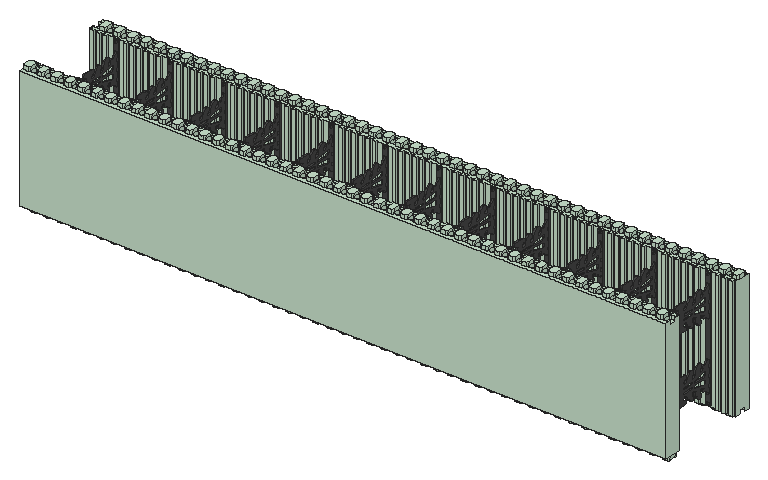
Revit family (continued)
Definition of nested family "10-inch Web"
  Forms (mm)
    Extrusion 1, solid, material "Polypropylene"
      sketch origin (0, 0, -12.7) x (0, 1, 0) y (0, 0, 1)
        loop
          arc (118.212, 356.142) -> (118.677, 357.265) -> (119.799, 357.73) r 1.588
          line (119.799, 357.73) -> (121.006, 357.73) -> (121.006, 359.508) -> (118.339, 359.508)
          arc (118.339, 359.508) -> (116.978, 359.703) -> (115.707, 360.227) r 5.556
          arc (115.707, 360.227) -> (110.167, 362.422) -> (104.299, 363.467) r 29.724
          line (104.299, 363.467) -> (62.706, 363.467)
          arc (62.706, 363.467) -> (60.461, 362.537) -> (59.531, 360.292) r 3.175
          line (59.531, 360.292) -> (59.531, 354.9)
          arc (59.531, 354.9) -> (60.228, 352.916) -> (62.013, 351.802) r 3.175
          line (62.013, 351.802) -> (118.339, 339.188)
        loop
          line (131.699, 457.58) -> (131.699, 463.9)
          arc (131.699, 463.9) -> (131.594, 463.513) -> (131.307, 463.233) r 0.762
          line (131.307, 463.233) -> (127.011, 460.847)
          arc (127.011, 460.847) -> (126.724, 460.567) -> (126.619, 460.181) r 0.762
          line (126.619, 460.181) -> (126.619, 458.372)
          arc (126.619, 458.372) -> (126.778, 458.003) -> (127.155, 457.865) r 0.508
          line (127.155, 457.865) -> (131.163, 458.087)
          arc (131.163, 458.087) -> (131.54, 457.949) -> (131.699, 457.58) r 0.508
        loop
          arc (-131.699, 457.58) -> (-131.54, 457.949) -> (-131.163, 458.087) r 0.508
          line (-131.163, 458.087) -> (-127.155, 457.865)
          arc (-127.155, 457.865) -> (-126.778, 458.003) -> (-126.619, 458.372) r 0.508
          line (-126.619, 458.372) -> (-126.619, 460.181)
          arc (-126.619, 460.181) -> (-126.724, 460.567) -> (-127.011, 460.847) r 0.762
          line (-127.011, 460.847) -> (-131.307, 463.233)
          arc (-131.307, 463.233) -> (-131.594, 463.513) -> (-131.699, 463.9) r 0.762
          line (-131.699, 463.9) -> (-131.699, 457.58)
        loop
          line (51.594, 379.293) -> (15.031, 379.293)
          arc (15.031, 379.293) -> (9.519, 373.782) -> (15.031, 368.27) r 5.512
          line (15.031, 368.27) -> (51.594, 368.27)
          arc (51.594, 368.27) -> (53.839, 369.2) -> (54.769, 371.445) r 3.175
          line (54.769, 371.445) -> (54.769, 376.118)
          arc (54.769, 376.118) -> (53.839, 378.363) -> (51.594, 379.293) r 3.175
        loop
          line (15.031, 352.422) -> (51.594, 352.422)
          arc (51.594, 352.422) -> (53.839, 353.352) -> (54.769, 355.597) r 3.175
          line (54.769, 355.597) -> (54.769, 360.27)
          arc (54.769, 360.27) -> (53.839, 362.515) -> (51.594, 363.445) r 3.175
          line (51.594, 363.445) -> (15.031, 363.445)
          arc (15.031, 363.445) -> (9.519, 357.933) -> (15.031, 352.422) r 5.512
        loop
          arc (-118.339, 372.208) -> (-116.978, 372.012) -> (-115.707, 371.488) r 5.556
          arc (-115.707, 371.488) -> (-110.167, 369.293) -> (-104.299, 368.248) r 29.724
          line (-104.299, 368.248) -> (-62.706, 368.248)
          arc (-62.706, 368.248) -> (-60.461, 369.178) -> (-59.531, 371.423) r 3.175
          line (-59.531, 371.423) -> (-59.531, 376.815)
          arc (-59.531, 376.815) -> (-60.228, 378.8) -> (-62.013, 379.913) r 3.175
          line (-62.013, 379.913) -> (-118.339, 392.528) -> (-121.006, 392.528) -> (-121.006, 390.75) -> (-119.799, 390.75)
          arc (-119.799, 390.75) -> (-118.677, 390.285) -> (-118.212, 389.162) r 1.588
          line (-118.212, 389.162) -> (-118.212, 375.573)
          arc (-118.212, 375.573) -> (-118.677, 374.45) -> (-119.799, 373.986) r 1.588
          line (-119.799, 373.986) -> (-121.006, 373.986) -> (-121.006, 372.208) -> (-118.339, 372.208)
        loop
          line (-118.339, 339.188) -> (-62.013, 351.802)
          arc (-62.013, 351.802) -> (-60.228, 352.916) -> (-59.531, 354.9) r 3.175
          line (-59.531, 354.9) -> (-59.531, 360.292)
          arc (-59.531, 360.292) -> (-60.461, 362.537) -> (-62.706, 363.467) r 3.175
          line (-62.706, 363.467) -> (-104.299, 363.467)
          arc (-104.299, 363.467) -> (-110.167, 362.422) -> (-115.707, 360.227) r 29.724
          arc (-115.707, 360.227) -> (-116.978, 359.703) -> (-118.339, 359.508) r 5.556
          line (-118.339, 359.508) -> (-121.006, 359.508) -> (-121.006, 357.73) -> (-119.799, 357.73)
          arc (-119.799, 357.73) -> (-118.677, 357.265) -> (-118.212, 356.142) r 1.588
          line (-118.212, 356.142) -> (-118.212, 342.553)
          arc (-118.212, 342.553) -> (-118.677, 341.43) -> (-119.799, 340.966) r 1.588
          line (-119.799, 340.966) -> (-121.006, 340.966) -> (-121.006, 339.188) -> (-118.339, 339.188)
        loop
          arc (-51.594, 379.293) -> (-53.839, 378.363) -> (-54.769, 376.118) r 3.175
          line (-54.769, 376.118) -> (-54.769, 371.445)
          arc (-54.769, 371.445) -> (-53.839, 369.2) -> (-51.594, 368.27) r 3.175
          line (-51.594, 368.27) -> (-15.031, 368.27)
          arc (-15.031, 368.27) -> (-9.519, 373.782) -> (-15.031, 379.293) r 5.512
          line (-15.031, 379.293) -> (-51.594, 379.293)
        loop
          arc (-15.031, 352.422) -> (-9.519, 357.933) -> (-15.031, 363.445) r 5.512
          line (-15.031, 363.445) -> (-51.594, 363.445)
          arc (-51.594, 363.445) -> (-53.839, 362.515) -> (-54.769, 360.27) r 3.175
          line (-54.769, 360.27) -> (-54.769, 355.597)
          arc (-54.769, 355.597) -> (-53.839, 353.352) -> (-51.594, 352.422) r 3.175
          line (-51.594, 352.422) -> (-15.031, 352.422)
        loop
          line (125.959, 90.072) -> (123.292, 90.072) -> (123.292, 91.85) -> (130.112, 91.85)
          arc (130.112, 91.85) -> (131.234, 91.386) -> (131.699, 90.263) r 1.587
          line (131.699, 90.263) -> (131.699, 110.202)
          arc (131.699, 110.202) -> (131.234, 109.079) -> (130.111, 108.614) r 1.587
          line (130.111, 108.614) -> (123.292, 108.614) -> (123.292, 110.392) -> (125.959, 110.392) -> (125.959, 123.092) -> (123.292, 123.092) -> (123.292, 124.87) -> (130.112, 124.87)
          arc (130.112, 124.87) -> (131.234, 124.406) -> (131.699, 123.283) r 1.587
          line (131.699, 123.283) -> (131.699, 143.222)
          arc (131.699, 143.222) -> (131.234, 142.099) -> (130.111, 141.634) r 1.587
          line (130.111, 141.634) -> (123.292, 141.634) -> (123.292, 143.412) -> (125.959, 143.412) -> (125.959, 156.112) -> (123.292, 156.112) -> (123.292, 157.89) -> (130.112, 157.89)
          arc (130.112, 157.89) -> (131.234, 157.426) -> (131.699, 156.303) r 1.588
          line (131.699, 156.303) -> (131.699, 171.533) -> (128.372, 171.533)
          arc (128.372, 171.533) -> (125.73, 168.918) -> (122.445, 167.179) r 12.7
          arc (122.445, 167.179) -> (119.377, 164.859) -> (118.212, 161.192) r 6.35
          line (118.212, 161.192) -> (118.212, 159.478)
          arc (118.212, 159.478) -> (118.677, 158.355) -> (119.799, 157.89) r 1.588
          line (119.799, 157.89) -> (121.006, 157.89) -> (121.006, 156.112) -> (118.325, 156.112)
          arc (118.325, 156.112) -> (113.345, 156.981) -> (109.254, 159.949) r 11.21
          arc (109.254, 159.949) -> (104.925, 160.384) -> (104.225, 156.091) r 3.175
          arc (104.225, 156.091) -> (91.953, 143.965) -> (90.498, 161.156) r 9.525
          arc (90.498, 161.156) -> (94.276, 170.359) -> (85.072, 174.138) r 7.035
          arc (85.072, 174.138) -> (72.053, 164.037) -> (67.064, 148.331) r 27.726
          line (67.064, 148.331) -> (67.077, 144.141)
          arc (67.077, 144.141) -> (52.509, 136.782) -> (52.826, 153.1) r 9.525
          arc (52.826, 153.1) -> (56.604, 162.304) -> (47.401, 166.082) r 7.035
          arc (47.401, 166.082) -> (34.716, 157.818) -> (28.7, 143.926) r 26.266
          arc (28.7, 143.926) -> (14.132, 136.567) -> (14.449, 152.886) r 9.525
          arc (14.449, 152.886) -> (16.694, 153.591) -> (19.003, 154.043) r 21.187
          arc (19.003, 154.043) -> (23.197, 159.901) -> (18.131, 165.024) r 5.588
          arc (18.131, 165.024) -> (9.105, 166.277) -> (0, 166.669) r 95.946
          arc (0, 166.669) -> (-9.105, 166.277) -> (-18.131, 165.024) r 95.946
          arc (-18.131, 165.024) -> (-23.197, 159.901) -> (-19.003, 154.043) r 5.588
          arc (-19.003, 154.043) -> (-16.694, 153.591) -> (-14.449, 152.886) r 21.187
          arc (-14.449, 152.886) -> (-14.132, 136.567) -> (-28.7, 143.926) r 9.525
          arc (-28.7, 143.926) -> (-34.716, 157.818) -> (-47.401, 166.082) r 26.266
          arc (-47.401, 166.082) -> (-56.604, 162.304) -> (-52.826, 153.1) r 7.035
          arc (-52.826, 153.1) -> (-52.509, 136.782) -> (-67.077, 144.141) r 9.525
          line (-67.077, 144.141) -> (-67.064, 148.331)
          arc (-67.064, 148.331) -> (-72.053, 164.037) -> (-85.072, 174.138) r 27.726
          arc (-85.072, 174.138) -> (-94.276, 170.359) -> (-90.498, 161.156) r 7.035
          arc (-90.498, 161.156) -> (-91.953, 143.965) -> (-104.225, 156.091) r 9.525
          arc (-104.225, 156.091) -> (-104.925, 160.384) -> (-109.254, 159.949) r 3.175
          arc (-109.254, 159.949) -> (-113.345, 156.981) -> (-118.325, 156.112) r 11.21
          line (-118.325, 156.112) -> (-121.006, 156.112) -> (-121.006, 157.89) -> (-119.799, 157.89)
          arc (-119.799, 157.89) -> (-118.677, 158.355) -> (-118.212, 159.478) r 1.588
          line (-118.212, 159.478) -> (-118.212, 161.192)
          arc (-118.212, 161.192) -> (-119.377, 164.859) -> (-122.445, 167.179) r 6.35
          arc (-122.445, 167.179) -> (-125.73, 168.918) -> (-128.372, 171.533) r 12.7
          line (-128.372, 171.533) -> (-131.699, 171.533) -> (-131.699, 156.303)
          arc (-131.699, 156.303) -> (-131.234, 157.426) -> (-130.112, 157.89) r 1.588
          line (-130.112, 157.89) -> (-123.292, 157.89) -> (-123.292, 156.112) -> (-125.959, 156.112) -> (-125.959, 143.412) -> (-123.292, 143.412) -> (-123.292, 141.634) -> (-130.111, 141.634)
          arc (-130.111, 141.634) -> (-131.234, 142.099) -> (-131.699, 143.222) r 1.587
          line (-131.699, 143.222) -> (-131.699, 123.283)
          arc (-131.699, 123.283) -> (-131.234, 124.406) -> (-130.112, 124.87) r 1.587
          line (-130.112, 124.87) -> (-123.292, 124.87) -> (-123.292, 123.092) -> (-125.959, 123.092) -> (-125.959, 110.392) -> (-123.292, 110.392) -> (-123.292, 108.614) -> (-130.111, 108.614)
          arc (-130.111, 108.614) -> (-131.234, 109.079) -> (-131.699, 110.202) r 1.587
          line (-131.699, 110.202) -> (-131.699, 90.263)
          arc (-131.699, 90.263) -> (-131.234, 91.386) -> (-130.112, 91.85) r 1.587
          line (-130.112, 91.85) -> (-123.292, 91.85) -> (-123.292, 90.072) -> (-125.959, 90.072) -> (-125.959, 77.373) -> (-123.292, 77.373) -> (-123.292, 75.594) -> (-129.324, 75.594)
          arc (-129.324, 75.594) -> (-130.447, 76.059) -> (-130.912, 77.182) r 1.587
          line (-130.912, 77.182) -> (-130.912, 54.332)
          arc (-130.912, 54.332) -> (-128.581, 61.664) -> (-122.445, 66.306) r 12.7
          arc (-122.445, 66.306) -> (-119.377, 68.626) -> (-118.212, 72.292) r 6.35
          line (-118.212, 72.292) -> (-118.212, 74.007)
          arc (-118.212, 74.007) -> (-118.677, 75.13) -> (-119.799, 75.594) r 1.588
          line (-119.799, 75.594) -> (-121.006, 75.594) -> (-121.006, 77.373) -> (-118.325, 77.373)
          arc (-118.325, 77.373) -> (-113.345, 76.504) -> (-109.254, 73.536) r 11.21
          arc (-109.254, 73.536) -> (-104.925, 73.101) -> (-104.225, 77.394) r 3.175
          arc (-104.225, 77.394) -> (-91.953, 89.52) -> (-90.498, 72.329) r 9.525
          arc (-90.498, 72.329) -> (-94.276, 63.126) -> (-85.072, 59.347) r 7.035
          arc (-85.072, 59.347) -> (-72.053, 69.448) -> (-67.064, 85.154) r 27.726
          line (-67.064, 85.154) -> (-67.077, 89.344)
          arc (-67.077, 89.344) -> (-52.509, 96.703) -> (-52.826, 80.385) r 9.525
          arc (-52.826, 80.385) -> (-56.604, 71.181) -> (-47.401, 67.403) r 7.035
          arc (-47.401, 67.403) -> (-34.716, 75.667) -> (-28.7, 89.559) r 26.266
          arc (-28.7, 89.559) -> (-14.132, 96.918) -> (-14.449, 80.599) r 9.525
          arc (-14.449, 80.599) -> (-16.694, 79.894) -> (-19.003, 79.442) r 21.187
          arc (-19.003, 79.442) -> (-23.197, 73.584) -> (-18.131, 68.461) r 5.588
          arc (-18.131, 68.461) -> (-9.105, 67.207) -> (0, 66.816) r 95.946
          arc (0, 66.816) -> (9.105, 67.207) -> (18.131, 68.461) r 95.946
          arc (18.131, 68.461) -> (23.197, 73.584) -> (19.003, 79.442) r 5.588
          arc (19.003, 79.442) -> (16.694, 79.894) -> (14.449, 80.599) r 21.187
          arc (14.449, 80.599) -> (14.132, 96.918) -> (28.7, 89.559) r 9.525
          arc (28.7, 89.559) -> (34.716, 75.667) -> (47.401, 67.403) r 26.266
          arc (47.401, 67.403) -> (56.604, 71.181) -> (52.826, 80.385) r 7.035
          arc (52.826, 80.385) -> (52.509, 96.703) -> (67.077, 89.344) r 9.525
          line (67.077, 89.344) -> (67.064, 85.154)
          arc (67.064, 85.154) -> (72.053, 69.448) -> (85.072, 59.347) r 27.726
          arc (85.072, 59.347) -> (94.276, 63.126) -> (90.498, 72.329) r 7.035
          arc (90.498, 72.329) -> (91.953, 89.52) -> (104.225, 77.394) r 9.525
          arc (104.225, 77.394) -> (104.925, 73.101) -> (109.254, 73.536) r 3.175
          arc (109.254, 73.536) -> (113.345, 76.504) -> (118.325, 77.373) r 11.21
          line (118.325, 77.373) -> (121.006, 77.373) -> (121.006, 75.594) -> (119.799, 75.594)
          arc (119.799, 75.594) -> (118.677, 75.13) -> (118.212, 74.007) r 1.588
          line (118.212, 74.007) -> (118.212, 72.292)
          arc (118.212, 72.292) -> (119.377, 68.626) -> (122.445, 66.306) r 6.35
          arc (122.445, 66.306) -> (128.581, 61.664) -> (130.912, 54.332) r 12.7
          line (130.912, 54.332) -> (130.912, 77.182)
          arc (130.912, 77.182) -> (130.447, 76.059) -> (129.324, 75.594) r 1.587
          line (129.324, 75.594) -> (123.292, 75.594) -> (123.292, 77.373) -> (125.959, 77.373) -> (125.959, 90.072)
        loop
          arc (118.339, 110.392) -> (116.978, 110.588) -> (115.707, 111.112) r 5.556
          arc (115.707, 111.112) -> (110.167, 113.307) -> (104.299, 114.352) r 29.724
          line (104.299, 114.352) -> (62.706, 114.352)
          arc (62.706, 114.352) -> (60.461, 113.422) -> (59.531, 111.177) r 3.175
          line (59.531, 111.177) -> (59.531, 105.785)
          arc (59.531, 105.785) -> (60.228, 103.8) -> (62.013, 102.687) r 3.175
          line (62.013, 102.687) -> (118.339, 90.072) -> (121.006, 90.072) -> (121.006, 91.85) -> (119.799, 91.85)
          arc (119.799, 91.85) -> (118.677, 92.315) -> (118.212, 93.438) r 1.588
          line (118.212, 93.438) -> (118.212, 107.027)
          arc (118.212, 107.027) -> (118.677, 108.15) -> (119.799, 108.614) r 1.588
          line (119.799, 108.614) -> (121.006, 108.614) -> (121.006, 110.392) -> (118.339, 110.392)
        loop
          line (118.339, 143.412) -> (62.013, 130.798)
          arc (62.013, 130.798) -> (60.228, 129.684) -> (59.531, 127.7) r 3.175
          line (59.531, 127.7) -> (59.531, 122.308)
          arc (59.531, 122.308) -> (60.461, 120.063) -> (62.706, 119.133) r 3.175
          line (62.706, 119.133) -> (104.299, 119.133)
          arc (104.299, 119.133) -> (110.167, 120.178) -> (115.707, 122.373) r 29.724
          arc (115.707, 122.373) -> (116.978, 122.897) -> (118.339, 123.092) r 5.556
          line (118.339, 123.092) -> (121.006, 123.092) -> (121.006, 124.87) -> (119.799, 124.87)
          arc (119.799, 124.87) -> (118.677, 125.335) -> (118.212, 126.458) r 1.588
          line (118.212, 126.458) -> (118.212, 140.047)
          arc (118.212, 140.047) -> (118.677, 141.17) -> (119.799, 141.634) r 1.588
          line (119.799, 141.634) -> (121.006, 141.634) -> (121.006, 143.412) -> (118.339, 143.412)
        loop
          arc (51.594, 103.307) -> (53.839, 104.237) -> (54.769, 106.482) r 3.175
          line (54.769, 106.482) -> (54.769, 111.155)
          arc (54.769, 111.155) -> (53.839, 113.4) -> (51.594, 114.33) r 3.175
          line (51.594, 114.33) -> (15.031, 114.33)
          arc (15.031, 114.33) -> (9.519, 108.818) -> (15.031, 103.307) r 5.512
          line (15.031, 103.307) -> (51.594, 103.307)
        loop
          arc (15.031, 130.178) -> (9.519, 124.667) -> (15.031, 119.155) r 5.512
          line (15.031, 119.155) -> (51.594, 119.155)
          arc (51.594, 119.155) -> (53.839, 120.085) -> (54.769, 122.33) r 3.175
          line (54.769, 122.33) -> (54.769, 127.003)
          arc (54.769, 127.003) -> (53.839, 129.248) -> (51.594, 130.178) r 3.175
          line (51.594, 130.178) -> (15.031, 130.178)
        loop
          line (-118.339, 110.392) -> (-121.006, 110.392) -> (-121.006, 108.614) -> (-119.799, 108.614)
          arc (-119.799, 108.614) -> (-118.677, 108.15) -> (-118.212, 107.027) r 1.588
          line (-118.212, 107.027) -> (-118.212, 93.438)
          arc (-118.212, 93.438) -> (-118.677, 92.315) -> (-119.799, 91.85) r 1.588
          line (-119.799, 91.85) -> (-121.006, 91.85) -> (-121.006, 90.072) -> (-118.339, 90.072) -> (-62.013, 102.687)
          arc (-62.013, 102.687) -> (-60.228, 103.8) -> (-59.531, 105.785) r 3.175
          line (-59.531, 105.785) -> (-59.531, 111.177)
          arc (-59.531, 111.177) -> (-60.461, 113.422) -> (-62.706, 114.352) r 3.175
          line (-62.706, 114.352) -> (-104.299, 114.352)
          arc (-104.299, 114.352) -> (-110.167, 113.307) -> (-115.707, 111.112) r 29.724
          arc (-115.707, 111.112) -> (-116.978, 110.588) -> (-118.339, 110.392) r 5.556
        loop
          line (-118.339, 143.412) -> (-121.006, 143.412) -> (-121.006, 141.634) -> (-119.799, 141.634)
          arc (-119.799, 141.634) -> (-118.677, 141.17) -> (-118.212, 140.047) r 1.588
          line (-118.212, 140.047) -> (-118.212, 126.458)
          arc (-118.212, 126.458) -> (-118.677, 125.335) -> (-119.799, 124.87) r 1.588
          line (-119.799, 124.87) -> (-121.006, 124.87) -> (-121.006, 123.092) -> (-118.339, 123.092)
          arc (-118.339, 123.092) -> (-116.978, 122.897) -> (-115.707, 122.373) r 5.556
          arc (-115.707, 122.373) -> (-110.167, 120.178) -> (-104.299, 119.133) r 29.724
          line (-104.299, 119.133) -> (-62.706, 119.133)
          arc (-62.706, 119.133) -> (-60.461, 120.063) -> (-59.531, 122.308) r 3.175
          line (-59.531, 122.308) -> (-59.531, 127.7)
          arc (-59.531, 127.7) -> (-60.228, 129.684) -> (-62.013, 130.798) r 3.175
          line (-62.013, 130.798) -> (-118.339, 143.412)
        loop
          line (-51.594, 103.307) -> (-15.031, 103.307)
          arc (-15.031, 103.307) -> (-9.519, 108.818) -> (-15.031, 114.33) r 5.512
          line (-15.031, 114.33) -> (-51.594, 114.33)
          arc (-51.594, 114.33) -> (-53.839, 113.4) -> (-54.769, 111.155) r 3.175
          line (-54.769, 111.155) -> (-54.769, 106.482)
          arc (-54.769, 106.482) -> (-53.839, 104.237) -> (-51.594, 103.307) r 3.175
        loop
          line (-15.031, 130.178) -> (-51.594, 130.178)
          arc (-51.594, 130.178) -> (-53.839, 129.248) -> (-54.769, 127.003) r 3.175
          line (-54.769, 127.003) -> (-54.769, 122.33)
          arc (-54.769, 122.33) -> (-53.839, 120.085) -> (-51.594, 119.155) r 3.175
          line (-51.594, 119.155) -> (-15.031, 119.155)
          arc (-15.031, 119.155) -> (-9.519, 124.667) -> (-15.031, 130.178) r 5.512
      from -3.175 to 3.175
    Extrusion 2, solid, material "Polypropylene"
      sketch origin (0, 0, 0) x (0, 1, 0) y (0, 0, 1)
        loop
          line (131.699, 452.438) -> (131.699, 4.762)
          arc (131.699, 4.762) -> (132.187, 3.618) -> (133.35, 3.176) r 1.588
          arc (133.35, 3.176) -> (134.513, 3.618) -> (135.001, 4.762) r 1.588
          line (135.001, 4.762) -> (135.001, 452.437)
          arc (135.001, 452.437) -> (134.513, 453.582) -> (133.35, 454.024) r 1.588
          arc (133.35, 454.024) -> (132.187, 453.582) -> (131.699, 452.438) r 1.588
        loop
          arc (-131.699, 452.438) -> (-132.187, 453.582) -> (-133.35, 454.024) r 1.588
          arc (-133.35, 454.024) -> (-134.513, 453.582) -> (-135.001, 452.437) r 1.588
          line (-135.001, 452.437) -> (-135.001, 4.762)
          arc (-135.001, 4.762) -> (-134.513, 3.618) -> (-133.35, 3.176) r 1.588
          arc (-133.35, 3.176) -> (-132.187, 3.618) -> (-131.699, 4.762) r 1.588
          line (-131.699, 4.762) -> (-131.699, 452.438)
      from -9.227 to 9.227
Definition of nested family "NUDURA Diamond Pattern"
  Reference planes
    plane 1 "Center (Front/Back)": y = 0
    plane 2: z = 0
    plane 3 "Center (Left/Right)": x = 0
    plane 4: z = 457.2
  Lines and regions (mm)
    model lines
      curve 1: line (203.2, -142.875, 457.2) -> (203.2, -142.875, 0)
      curve 2: line (152.4, -142.875, 457.2) -> (152.4, -142.875, 0)
      curve 3: line (50.8, -142.875, 457.2) -> (50.8, -142.875, 0)
      curve 4: line (85.183, -142.875, 431.415) -> (93.906, -142.875, 422.692)
      curve 5: arc (85.183, -142.875, 444.885) -> (82.394, -142.875, 438.15) -> (85.183, -142.875, 431.415) r 9.525
      curve 6: line (94.708, -142.875, 454.41) -> (85.183, -142.875, 444.885)
      curve 7: arc (108.179, -142.875, 454.41) -> (101.444, -142.875, 457.2) -> (94.708, -142.875, 454.41) r 9.525
      curve 8: line (117.704, -142.875, 444.885) -> (108.179, -142.875, 454.41)
      curve 9: arc (117.704, -142.875, 431.415) -> (120.494, -142.875, 438.15) -> (117.704, -142.875, 444.885) r 9.525
      curve 10: line (108.981, -142.875, 422.692) -> (117.704, -142.875, 431.415)
      curve 11: arc (105.934, -142.875, 452.165) -> (101.444, -142.875, 454.025) -> (96.953, -142.875, 452.165) r 6.35
      curve 12: line (115.459, -142.875, 442.64) -> (105.934, -142.875, 452.165)
      curve 13: arc (115.459, -142.875, 433.66) -> (117.319, -142.875, 438.15) -> (115.459, -142.875, 442.64) r 6.35
      curve 14: line (105.934, -142.875, 424.135) -> (115.459, -142.875, 433.66)
      curve 15: arc (96.953, -142.875, 424.135) -> (101.444, -142.875, 422.275) -> (105.934, -142.875, 424.135) r 6.35
      curve 16: line (87.428, -142.875, 433.66) -> (96.953, -142.875, 424.135)
      curve 17: arc (87.428, -142.875, 442.64) -> (85.569, -142.875, 438.15) -> (87.428, -142.875, 433.66) r 6.35
      curve 18: line (96.953, -142.875, 452.165) -> (87.428, -142.875, 442.64)
      curve 19: arc (93.906, -142.875, 415.508) -> (95.394, -142.875, 419.1) -> (93.906, -142.875, 422.692) r 5.08
      curve 20: line (117.704, -142.875, 406.785) -> (108.981, -142.875, 415.508)
      curve 21: arc (117.704, -142.875, 393.315) -> (120.494, -142.875, 400.05) -> (117.704, -142.875, 406.785) r 9.525
      curve 22: line (108.981, -142.875, 384.592) -> (117.704, -142.875, 393.315)
      curve 23: line (85.183, -142.875, 393.315) -> (93.906, -142.875, 384.592)
      curve 24: arc (85.183, -142.875, 406.785) -> (82.394, -142.875, 400.05) -> (85.183, -142.875, 393.315) r 9.525
      curve 25: line (93.906, -142.875, 415.508) -> (85.183, -142.875, 406.785)
      curve 26: arc (105.934, -142.875, 414.065) -> (101.444, -142.875, 415.925) -> (96.953, -142.875, 414.065) r 6.35
      curve 27: line (96.953, -142.875, 414.065) -> (87.428, -142.875, 404.54)
      curve 28: arc (87.428, -142.875, 404.54) -> (85.569, -142.875, 400.05) -> (87.428, -142.875, 395.56) r 6.35
      curve 29: line (87.428, -142.875, 395.56) -> (96.953, -142.875, 386.035)
      curve 30: arc (96.953, -142.875, 386.035) -> (101.444, -142.875, 384.175) -> (105.934, -142.875, 386.035) r 6.35
      curve 31: line (105.934, -142.875, 386.035) -> (115.459, -142.875, 395.56)
      curve 32: arc (115.459, -142.875, 395.56) -> (117.319, -142.875, 400.05) -> (115.459, -142.875, 404.54) r 6.35
      curve 33: line (115.459, -142.875, 404.54) -> (105.934, -142.875, 414.065)
      curve 34: arc (93.906, -142.875, 377.408) -> (95.394, -142.875, 381) -> (93.906, -142.875, 384.592) r 5.08
      curve 35: line (117.704, -142.875, 368.685) -> (108.981, -142.875, 377.408)
      curve 36: arc (117.704, -142.875, 355.215) -> (120.494, -142.875, 361.95) -> (117.704, -142.875, 368.685) r 9.525
      curve 37: line (108.981, -142.875, 346.492) -> (117.704, -142.875, 355.215)
      curve 38: line (85.183, -142.875, 355.215) -> (93.906, -142.875, 346.492)
      curve 39: arc (85.183, -142.875, 368.685) -> (82.394, -142.875, 361.95) -> (85.183, -142.875, 355.215) r 9.525
      curve 40: line (93.906, -142.875, 377.408) -> (85.183, -142.875, 368.685)
      curve 41: arc (105.934, -142.875, 375.965) -> (101.444, -142.875, 377.825) -> (96.953, -142.875, 375.965) r 6.35
      curve 42: line (96.953, -142.875, 375.965) -> (87.428, -142.875, 366.44)
      curve 43: arc (87.428, -142.875, 366.44) -> (85.569, -142.875, 361.95) -> (87.428, -142.875, 357.46) r 6.35
      curve 44: line (87.428, -142.875, 357.46) -> (96.953, -142.875, 347.935)
      curve 45: arc (96.953, -142.875, 347.935) -> (101.444, -142.875, 346.075) -> (105.934, -142.875, 347.935) r 6.35
      curve 46: line (105.934, -142.875, 347.935) -> (115.459, -142.875, 357.46)
      curve 47: arc (115.459, -142.875, 357.46) -> (117.319, -142.875, 361.95) -> (115.459, -142.875, 366.44) r 6.35
      curve 48: line (115.459, -142.875, 366.44) -> (105.934, -142.875, 375.965)
      curve 49: arc (93.906, -142.875, 339.308) -> (95.394, -142.875, 342.9) -> (93.906, -142.875, 346.492) r 5.08
      curve 50: line (117.704, -142.875, 330.585) -> (108.981, -142.875, 339.308)
      curve 51: arc (117.704, -142.875, 317.115) -> (120.494, -142.875, 323.85) -> (117.704, -142.875, 330.585) r 9.525
      curve 52: line (108.981, -142.875, 308.392) -> (117.704, -142.875, 317.115)
      curve 53: line (85.183, -142.875, 317.115) -> (93.906, -142.875, 308.392)
      curve 54: arc (85.183, -142.875, 330.585) -> (82.394, -142.875, 323.85) -> (85.183, -142.875, 317.115) r 9.525
      curve 55: line (93.906, -142.875, 339.308) -> (85.183, -142.875, 330.585)
      curve 56: arc (105.934, -142.875, 337.865) -> (101.444, -142.875, 339.725) -> (96.953, -142.875, 337.865) r 6.35
      curve 57: line (96.953, -142.875, 337.865) -> (87.428, -142.875, 328.34)
      curve 58: arc (87.428, -142.875, 328.34) -> (85.569, -142.875, 323.85) -> (87.428, -142.875, 319.36) r 6.35
      curve 59: line (87.428, -142.875, 319.36) -> (96.953, -142.875, 309.835)
      curve 60: arc (96.953, -142.875, 309.835) -> (101.444, -142.875, 307.975) -> (105.934, -142.875, 309.835) r 6.35
      curve 61: line (105.934, -142.875, 309.835) -> (115.459, -142.875, 319.36)
      curve 62: arc (115.459, -142.875, 319.36) -> (117.319, -142.875, 323.85) -> (115.459, -142.875, 328.34) r 6.35
      curve 63: line (115.459, -142.875, 328.34) -> (105.934, -142.875, 337.865)
      curve 64: arc (93.906, -142.875, 301.208) -> (95.394, -142.875, 304.8) -> (93.906, -142.875, 308.392) r 5.08
      curve 65: line (117.704, -142.875, 292.485) -> (108.981, -142.875, 301.208)
      curve 66: arc (117.704, -142.875, 279.015) -> (120.494, -142.875, 285.75) -> (117.704, -142.875, 292.485) r 9.525
      curve 67: line (108.981, -142.875, 270.292) -> (117.704, -142.875, 279.015)
      curve 68: line (85.183, -142.875, 279.015) -> (93.906, -142.875, 270.292)
      curve 69: arc (85.183, -142.875, 292.485) -> (82.394, -142.875, 285.75) -> (85.183, -142.875, 279.015) r 9.525
      curve 70: line (93.906, -142.875, 301.208) -> (85.183, -142.875, 292.485)
      curve 71: arc (105.934, -142.875, 299.765) -> (101.444, -142.875, 301.625) -> (96.953, -142.875, 299.765) r 6.35
      curve 72: line (96.953, -142.875, 299.765) -> (87.428, -142.875, 290.24)
      curve 73: arc (87.428, -142.875, 290.24) -> (85.569, -142.875, 285.75) -> (87.428, -142.875, 281.26) r 6.35
      curve 74: line (87.428, -142.875, 281.26) -> (96.953, -142.875, 271.735)
      curve 75: arc (96.953, -142.875, 271.735) -> (101.444, -142.875, 269.875) -> (105.934, -142.875, 271.735) r 6.35
      curve 76: line (105.934, -142.875, 271.735) -> (115.459, -142.875, 281.26)
      curve 77: arc (115.459, -142.875, 281.26) -> (117.319, -142.875, 285.75) -> (115.459, -142.875, 290.24) r 6.35
      curve 78: line (115.459, -142.875, 290.24) -> (105.934, -142.875, 299.765)
      curve 79: arc (93.906, -142.875, 263.108) -> (95.394, -142.875, 266.7) -> (93.906, -142.875, 270.292) r 5.08
      curve 80: line (117.704, -142.875, 254.385) -> (108.981, -142.875, 263.108)
      curve 81: arc (117.704, -142.875, 240.915) -> (120.494, -142.875, 247.65) -> (117.704, -142.875, 254.385) r 9.525
      curve 82: line (108.981, -142.875, 232.192) -> (117.704, -142.875, 240.915)
      curve 83: line (85.183, -142.875, 240.915) -> (93.906, -142.875, 232.192)
      curve 84: arc (85.183, -142.875, 254.385) -> (82.394, -142.875, 247.65) -> (85.183, -142.875, 240.915) r 9.525
      curve 85: line (93.906, -142.875, 263.108) -> (85.183, -142.875, 254.385)
      curve 86: arc (105.934, -142.875, 261.665) -> (101.444, -142.875, 263.525) -> (96.953, -142.875, 261.665) r 6.35
      curve 87: line (96.953, -142.875, 261.665) -> (87.428, -142.875, 252.14)
      curve 88: arc (87.428, -142.875, 252.14) -> (85.569, -142.875, 247.65) -> (87.428, -142.875, 243.16) r 6.35
      curve 89: line (87.428, -142.875, 243.16) -> (96.953, -142.875, 233.635)
      curve 90: arc (96.953, -142.875, 233.635) -> (101.444, -142.875, 231.775) -> (105.934, -142.875, 233.635) r 6.35
      curve 91: line (105.934, -142.875, 233.635) -> (115.459, -142.875, 243.16)
      curve 92: arc (115.459, -142.875, 243.16) -> (117.319, -142.875, 247.65) -> (115.459, -142.875, 252.14) r 6.35
      curve 93: line (115.459, -142.875, 252.14) -> (105.934, -142.875, 261.665)
      curve 94: arc (93.906, -142.875, 225.008) -> (95.394, -142.875, 228.6) -> (93.906, -142.875, 232.192) r 5.08
      curve 95: line (117.704, -142.875, 216.285) -> (108.981, -142.875, 225.008)
      curve 96: arc (117.704, -142.875, 202.815) -> (120.494, -142.875, 209.55) -> (117.704, -142.875, 216.285) r 9.525
      curve 97: line (108.981, -142.875, 194.092) -> (117.704, -142.875, 202.815)
      curve 98: line (85.183, -142.875, 202.815) -> (93.906, -142.875, 194.092)
      curve 99: arc (85.183, -142.875, 216.285) -> (82.394, -142.875, 209.55) -> (85.183, -142.875, 202.815) r 9.525
      curve 100: line (93.906, -142.875, 225.008) -> (85.183, -142.875, 216.285)
      curve 101: arc (105.934, -142.875, 223.565) -> (101.444, -142.875, 225.425) -> (96.953, -142.875, 223.565) r 6.35
      curve 102: line (96.953, -142.875, 223.565) -> (87.428, -142.875, 214.04)
      curve 103: arc (87.428, -142.875, 214.04) -> (85.569, -142.875, 209.55) -> (87.428, -142.875, 205.06) r 6.35
      curve 104: line (87.428, -142.875, 205.06) -> (96.953, -142.875, 195.535)
      curve 105: arc (96.953, -142.875, 195.535) -> (101.444, -142.875, 193.675) -> (105.934, -142.875, 195.535) r 6.35
      curve 106: line (105.934, -142.875, 195.535) -> (115.459, -142.875, 205.06)
      curve 107: arc (115.459, -142.875, 205.06) -> (117.319, -142.875, 209.55) -> (115.459, -142.875, 214.04) r 6.35
      curve 108: line (115.459, -142.875, 214.04) -> (105.934, -142.875, 223.565)
      curve 109: arc (93.906, -142.875, 186.908) -> (95.394, -142.875, 190.5) -> (93.906, -142.875, 194.092) r 5.08
      curve 110: line (117.704, -142.875, 178.185) -> (108.981, -142.875, 186.908)
      curve 111: arc (117.704, -142.875, 164.715) -> (120.494, -142.875, 171.45) -> (117.704, -142.875, 178.185) r 9.525
      curve 112: line (108.981, -142.875, 155.992) -> (117.704, -142.875, 164.715)
      curve 113: line (85.183, -142.875, 164.715) -> (93.906, -142.875, 155.992)
      curve 114: arc (85.183, -142.875, 178.185) -> (82.394, -142.875, 171.45) -> (85.183, -142.875, 164.715) r 9.525
      curve 115: line (93.906, -142.875, 186.908) -> (85.183, -142.875, 178.185)
      curve 116: arc (105.934, -142.875, 185.465) -> (101.444, -142.875, 187.325) -> (96.953, -142.875, 185.465) r 6.35
      curve 117: line (96.953, -142.875, 185.465) -> (87.428, -142.875, 175.94)
      curve 118: arc (87.428, -142.875, 175.94) -> (85.569, -142.875, 171.45) -> (87.428, -142.875, 166.96) r 6.35
      curve 119: line (87.428, -142.875, 166.96) -> (96.953, -142.875, 157.435)
      curve 120: arc (96.953, -142.875, 157.435) -> (101.444, -142.875, 155.575) -> (105.934, -142.875, 157.435) r 6.35
      curve 121: line (105.934, -142.875, 157.435) -> (115.459, -142.875, 166.96)
      curve 122: arc (115.459, -142.875, 166.96) -> (117.319, -142.875, 171.45) -> (115.459, -142.875, 175.94) r 6.35
      curve 123: line (115.459, -142.875, 175.94) -> (105.934, -142.875, 185.465)
      curve 124: arc (93.906, -142.875, 148.808) -> (95.394, -142.875, 152.4) -> (93.906, -142.875, 155.992) r 5.08
      curve 125: line (117.704, -142.875, 140.085) -> (108.981, -142.875, 148.808)
      curve 126: arc (117.704, -142.875, 126.615) -> (120.494, -142.875, 133.35) -> (117.704, -142.875, 140.085) r 9.525
      curve 127: line (108.981, -142.875, 117.892) -> (117.704, -142.875, 126.615)
      curve 128: line (85.183, -142.875, 126.615) -> (93.906, -142.875, 117.892)
      curve 129: arc (85.183, -142.875, 140.085) -> (82.394, -142.875, 133.35) -> (85.183, -142.875, 126.615) r 9.525
      curve 130: line (93.906, -142.875, 148.808) -> (85.183, -142.875, 140.085)
      curve 131: arc (105.934, -142.875, 147.365) -> (101.444, -142.875, 149.225) -> (96.953, -142.875, 147.365) r 6.35
      curve 132: line (96.953, -142.875, 147.365) -> (87.428, -142.875, 137.84)
      curve 133: arc (87.428, -142.875, 137.84) -> (85.569, -142.875, 133.35) -> (87.428, -142.875, 128.86) r 6.35
      curve 134: line (87.428, -142.875, 128.86) -> (96.953, -142.875, 119.335)
      curve 135: arc (96.953, -142.875, 119.335) -> (101.444, -142.875, 117.475) -> (105.934, -142.875, 119.335) r 6.35
      curve 136: line (105.934, -142.875, 119.335) -> (115.459, -142.875, 128.86)
      curve 137: arc (115.459, -142.875, 128.86) -> (117.319, -142.875, 133.35) -> (115.459, -142.875, 137.84) r 6.35
      curve 138: line (115.459, -142.875, 137.84) -> (105.934, -142.875, 147.365)
      curve 139: arc (93.906, -142.875, 110.708) -> (95.394, -142.875, 114.3) -> (93.906, -142.875, 117.892) r 5.08
      curve 140: line (117.704, -142.875, 101.985) -> (108.981, -142.875, 110.708)
      curve 141: arc (117.704, -142.875, 88.515) -> (120.494, -142.875, 95.25) -> (117.704, -142.875, 101.985) r 9.525
      curve 142: line (108.981, -142.875, 79.792) -> (117.704, -142.875, 88.515)
      curve 143: line (85.183, -142.875, 88.515) -> (93.906, -142.875, 79.792)
      curve 144: arc (85.183, -142.875, 101.985) -> (82.394, -142.875, 95.25) -> (85.183, -142.875, 88.515) r 9.525
      curve 145: line (93.906, -142.875, 110.708) -> (85.183, -142.875, 101.985)
      curve 146: arc (105.934, -142.875, 109.265) -> (101.444, -142.875, 111.125) -> (96.953, -142.875, 109.265) r 6.35
      curve 147: line (96.953, -142.875, 109.265) -> (87.428, -142.875, 99.74)
      curve 148: arc (87.428, -142.875, 99.74) -> (85.569, -142.875, 95.25) -> (87.428, -142.875, 90.76) r 6.35
      curve 149: line (87.428, -142.875, 90.76) -> (96.953, -142.875, 81.235)
      curve 150: arc (96.953, -142.875, 81.235) -> (101.444, -142.875, 79.375) -> (105.934, -142.875, 81.235) r 6.35
      curve 151: line (105.934, -142.875, 81.235) -> (115.459, -142.875, 90.76)
      curve 152: arc (115.459, -142.875, 90.76) -> (117.319, -142.875, 95.25) -> (115.459, -142.875, 99.74) r 6.35
      curve 153: line (115.459, -142.875, 99.74) -> (105.934, -142.875, 109.265)
      curve 154: arc (93.906, -142.875, 72.608) -> (95.394, -142.875, 76.2) -> (93.906, -142.875, 79.792) r 5.08
      curve 155: line (117.704, -142.875, 63.885) -> (108.981, -142.875, 72.608)
      curve 156: arc (117.704, -142.875, 50.415) -> (120.494, -142.875, 57.15) -> (117.704, -142.875, 63.885) r 9.525
      curve 157: line (108.981, -142.875, 41.692) -> (117.704, -142.875, 50.415)
      curve 158: line (85.183, -142.875, 50.415) -> (93.906, -142.875, 41.692)
      curve 159: arc (85.183, -142.875, 63.885) -> (82.394, -142.875, 57.15) -> (85.183, -142.875, 50.415) r 9.525
      curve 160: line (93.906, -142.875, 72.608) -> (85.183, -142.875, 63.885)
      curve 161: arc (105.934, -142.875, 71.165) -> (101.444, -142.875, 73.025) -> (96.953, -142.875, 71.165) r 6.35
      curve 162: line (96.953, -142.875, 71.165) -> (87.428, -142.875, 61.64)
      curve 163: arc (87.428, -142.875, 61.64) -> (85.569, -142.875, 57.15) -> (87.428, -142.875, 52.66) r 6.35
      curve 164: line (87.428, -142.875, 52.66) -> (96.953, -142.875, 43.135)
      curve 165: arc (96.953, -142.875, 43.135) -> (101.444, -142.875, 41.275) -> (105.934, -142.875, 43.135) r 6.35
      curve 166: line (105.934, -142.875, 43.135) -> (115.459, -142.875, 52.66)
      curve 167: arc (115.459, -142.875, 52.66) -> (117.319, -142.875, 57.15) -> (115.459, -142.875, 61.64) r 6.35
      curve 168: line (115.459, -142.875, 61.64) -> (105.934, -142.875, 71.165)
      curve 169: arc (93.906, -142.875, 34.508) -> (95.394, -142.875, 38.1) -> (93.906, -142.875, 41.692) r 5.08
      curve 170: line (93.906, -142.875, 34.508) -> (85.183, -142.875, 25.785)
      curve 171: arc (85.183, -142.875, 25.785) -> (82.394, -142.875, 19.05) -> (85.183, -142.875, 12.315) r 9.525
      curve 172: line (85.183, -142.875, 12.315) -> (94.708, -142.875, 2.79)
      curve 173: arc (94.708, -142.875, 2.79) -> (101.444, -142.875, 0) -> (108.179, -142.875, 2.79) r 9.525
      curve 174: line (108.179, -142.875, 2.79) -> (117.704, -142.875, 12.315)
      curve 175: arc (117.704, -142.875, 12.315) -> (120.494, -142.875, 19.05) -> (117.704, -142.875, 25.785) r 9.525
      curve 176: line (117.704, -142.875, 25.785) -> (108.981, -142.875, 34.508)
      curve 177: arc (108.981, -142.875, 41.692) -> (107.493, -142.875, 38.1) -> (108.981, -142.875, 34.508) r 5.08
      curve 178: arc (105.934, -142.875, 33.065) -> (101.444, -142.875, 34.925) -> (96.953, -142.875, 33.065) r 6.35
      curve 179: line (115.459, -142.875, 23.54) -> (105.934, -142.875, 33.065)
      curve 180: arc (115.459, -142.875, 14.56) -> (117.319, -142.875, 19.05) -> (115.459, -142.875, 23.54) r 6.35
      curve 181: line (105.934, -142.875, 5.035) -> (115.459, -142.875, 14.56)
      curve 182: arc (96.953, -142.875, 5.035) -> (101.444, -142.875, 3.175) -> (105.934, -142.875, 5.035) r 6.35
      curve 183: line (87.428, -142.875, 14.56) -> (96.953, -142.875, 5.035)
      curve 184: arc (87.428, -142.875, 23.54) -> (85.569, -142.875, 19.05) -> (87.428, -142.875, 14.56) r 6.35
      curve 185: line (96.953, -142.875, 33.065) -> (87.428, -142.875, 23.54)
      curve 186: arc (108.981, -142.875, 79.792) -> (107.493, -142.875, 76.2) -> (108.981, -142.875, 72.608) r 5.08
      curve 187: arc (108.981, -142.875, 117.892) -> (107.493, -142.875, 114.3) -> (108.981, -142.875, 110.708) r 5.08
      curve 188: arc (108.981, -142.875, 155.992) -> (107.493, -142.875, 152.4) -> (108.981, -142.875, 148.808) r 5.08
      curve 189: arc (108.981, -142.875, 194.092) -> (107.493, -142.875, 190.5) -> (108.981, -142.875, 186.908) r 5.08
      curve 190: arc (108.981, -142.875, 232.192) -> (107.493, -142.875, 228.6) -> (108.981, -142.875, 225.008) r 5.08
      curve 191: arc (108.981, -142.875, 270.292) -> (107.493, -142.875, 266.7) -> (108.981, -142.875, 263.108) r 5.08
      curve 192: arc (108.981, -142.875, 308.392) -> (107.493, -142.875, 304.8) -> (108.981, -142.875, 301.208) r 5.08
      curve 193: arc (108.981, -142.875, 346.492) -> (107.493, -142.875, 342.9) -> (108.981, -142.875, 339.308) r 5.08
      curve 194: arc (108.981, -142.875, 384.592) -> (107.493, -142.875, 381) -> (108.981, -142.875, 377.408) r 5.08
      curve 195: arc (108.981, -142.875, 422.692) -> (107.493, -142.875, 419.1) -> (108.981, -142.875, 415.508) r 5.08
Definition of nested family "NUDURA Logo Diamond"
  Reference planes
    plane 1 "Center (Front/Back)": y = 0
    plane 2: z = 0
    plane 3 "Center (Left/Right)": x = 0
  Lines and regions (mm)
    model lines
      curve 1: line (320.001, 0, 444.526) -> (311.021, 0, 453.507)
      curve 2: line (313.973, 0, 425.925) -> (320.001, 0, 431.954)
      curve 3: line (320.001, 0, 406.426) -> (313.973, 0, 412.455)
      curve 4: line (313.973, 0, 387.825) -> (320.001, 0, 393.854)
      curve 5: line (320.001, 0, 368.326) -> (313.973, 0, 374.355)
      curve 6: line (313.973, 0, 349.725) -> (320.001, 0, 355.754)
      curve 7: line (309.225, 0, 337.411) -> (322.887, 0, 323.749)
      curve 8: line (322.887, 0, 323.749) -> (324.683, 0, 325.545)
      curve 9: line (286.583, 0, 323.749) -> (300.245, 0, 337.411)
      curve 10: line (295.497, 0, 336.255) -> (284.787, 0, 325.545)
      curve 11: line (289.468, 0, 355.754) -> (295.497, 0, 349.725)
      curve 12: line (295.497, 0, 374.355) -> (289.468, 0, 368.326)
      curve 13: line (289.468, 0, 393.854) -> (295.497, 0, 387.825)
      curve 14: line (295.497, 0, 412.455) -> (289.468, 0, 406.426)
      curve 15: line (289.468, 0, 431.954) -> (295.497, 0, 425.925)
      curve 16: line (298.449, 0, 453.507) -> (289.468, 0, 444.526)
      curve 17: line (300.245, 0, 451.711) -> (291.265, 0, 442.73)
      curve 18: line (318.205, 0, 442.73) -> (309.225, 0, 451.711)
      curve 19: line (309.225, 0, 424.77) -> (318.205, 0, 433.75)
      curve 20: line (291.265, 0, 433.75) -> (300.245, 0, 424.77)
      curve 21: arc (289.468, 0, 444.526) -> (286.865, 0, 438.24) -> (289.468, 0, 431.954) r 8.89
      curve 22: arc (298.449, 0, 453.507) -> (304.735, 0, 456.111) -> (311.021, 0, 453.507) r 8.89
      curve 23: arc (291.265, 0, 442.73) -> (289.405, 0, 438.24) -> (291.265, 0, 433.75) r 6.35
      curve 24: arc (318.205, 0, 442.73) -> (320.065, 0, 438.24) -> (318.205, 0, 433.75) r 6.35
      curve 25: arc (309.225, 0, 424.77) -> (304.735, 0, 422.91) -> (300.245, 0, 424.77) r 6.35
      curve 26: arc (300.245, 0, 451.711) -> (304.735, 0, 453.571) -> (309.225, 0, 451.711) r 6.35
      curve 27: arc (320.001, 0, 444.526) -> (322.605, 0, 438.24) -> (320.001, 0, 431.954) r 8.89
      curve 28: arc (295.497, 0, 425.925) -> (298.287, 0, 419.19) -> (295.497, 0, 412.455) r 9.525
      curve 29: arc (313.973, 0, 425.925) -> (311.183, 0, 419.19) -> (313.973, 0, 412.455) r 9.525
      curve 30: line (313.973, 0, 387.825) -> (320.001, 0, 393.854)
      curve 31: line (289.468, 0, 393.854) -> (295.497, 0, 387.825)
      curve 32: line (300.245, 0, 413.611) -> (291.265, 0, 404.63)
      curve 33: line (318.205, 0, 404.63) -> (309.225, 0, 413.611)
      curve 34: line (309.225, 0, 386.67) -> (318.205, 0, 395.65)
      curve 35: line (291.265, 0, 395.65) -> (300.245, 0, 386.67)
      curve 36: arc (289.468, 0, 406.426) -> (286.865, 0, 400.14) -> (289.468, 0, 393.854) r 8.89
      curve 37: arc (291.265, 0, 404.63) -> (289.405, 0, 400.14) -> (291.265, 0, 395.65) r 6.35
      curve 38: arc (318.205, 0, 404.63) -> (320.065, 0, 400.14) -> (318.205, 0, 395.65) r 6.35
      curve 39: arc (309.225, 0, 386.67) -> (304.735, 0, 384.81) -> (300.245, 0, 386.67) r 6.35
      curve 40: arc (300.245, 0, 413.611) -> (304.735, 0, 415.471) -> (309.225, 0, 413.611) r 6.35
      curve 41: arc (320.001, 0, 406.426) -> (322.605, 0, 400.14) -> (320.001, 0, 393.854) r 8.89
      curve 42: line (295.497, 0, 412.455) -> (289.468, 0, 406.426)
      curve 43: line (320.001, 0, 406.426) -> (313.973, 0, 412.455)
      curve 44: arc (295.497, 0, 387.825) -> (298.287, 0, 381.09) -> (295.497, 0, 374.355) r 9.525
      curve 45: arc (313.973, 0, 387.825) -> (311.183, 0, 381.09) -> (313.973, 0, 374.355) r 9.525
      curve 46: line (313.973, 0, 349.725) -> (320.001, 0, 355.754)
      curve 47: line (289.468, 0, 355.754) -> (295.497, 0, 349.725)
      curve 48: line (300.245, 0, 375.511) -> (291.265, 0, 366.53)
      curve 49: line (318.205, 0, 366.53) -> (309.225, 0, 375.511)
      curve 50: line (309.225, 0, 348.57) -> (318.205, 0, 357.55)
      curve 51: line (291.265, 0, 357.55) -> (300.245, 0, 348.57)
      curve 52: arc (289.468, 0, 368.326) -> (286.865, 0, 362.04) -> (289.468, 0, 355.754) r 8.89
      curve 53: arc (291.265, 0, 366.53) -> (289.405, 0, 362.04) -> (291.265, 0, 357.55) r 6.35
      curve 54: arc (318.205, 0, 366.53) -> (320.065, 0, 362.04) -> (318.205, 0, 357.55) r 6.35
      curve 55: arc (309.225, 0, 348.57) -> (304.735, 0, 346.71) -> (300.245, 0, 348.57) r 6.35
      curve 56: arc (300.245, 0, 375.511) -> (304.735, 0, 377.371) -> (309.225, 0, 375.511) r 6.35
      curve 57: arc (320.001, 0, 368.326) -> (322.605, 0, 362.04) -> (320.001, 0, 355.754) r 8.89
      curve 58: line (295.497, 0, 374.355) -> (289.468, 0, 368.326)
      curve 59: arc (295.497, 0, 349.725) -> (298.287, 0, 342.99) -> (295.497, 0, 336.255) r 9.525
      curve 60: arc (313.973, 0, 349.725) -> (311.183, 0, 342.99) -> (313.973, 0, 336.255) r 9.525
      curve 61: line (324.683, 0, 325.545) -> (313.973, 0, 336.255)
      curve 62: line (284.787, 0, 325.545) -> (286.583, 0, 323.749)
      curve 63: arc (300.245, 0, 337.411) -> (304.735, 0, 339.271) -> (309.225, 0, 337.411) r 6.35
      curve 64: line (320.001, 0, 12.854) -> (311.021, 0, 3.874)
      curve 65: line (313.973, 0, 31.455) -> (320.001, 0, 25.426)
      curve 66: line (320.001, 0, 50.954) -> (313.973, 0, 44.925)
      curve 67: line (313.973, 0, 69.555) -> (320.001, 0, 63.526)
      curve 68: line (320.001, 0, 89.054) -> (313.973, 0, 83.025)
      curve 69: line (313.973, 0, 107.655) -> (320.001, 0, 101.626)
      curve 70: line (309.225, 0, 119.97) -> (322.887, 0, 133.632)
      curve 71: line (322.887, 0, 133.632) -> (324.683, 0, 131.836)
      curve 72: line (286.583, 0, 133.632) -> (300.245, 0, 119.97)
      curve 73: line (295.497, 0, 121.125) -> (284.787, 0, 131.836)
      curve 74: line (289.468, 0, 101.626) -> (295.497, 0, 107.655)
      curve 75: line (295.497, 0, 83.025) -> (289.468, 0, 89.054)
      curve 76: line (289.468, 0, 63.526) -> (295.497, 0, 69.555)
      curve 77: line (295.497, 0, 44.925) -> (289.468, 0, 50.954)
      curve 78: line (289.468, 0, 25.426) -> (295.497, 0, 31.455)
      curve 79: line (298.449, 0, 3.874) -> (289.468, 0, 12.854)
      curve 80: line (300.245, 0, 5.67) -> (291.265, 0, 14.65)
      curve 81: line (318.205, 0, 14.65) -> (309.225, 0, 5.67)
      curve 82: line (309.225, 0, 32.611) -> (318.205, 0, 23.63)
      curve 83: line (291.265, 0, 23.63) -> (300.245, 0, 32.611)
      curve 84: arc (289.468, 0, 12.854) -> (286.865, 0, 19.14) -> (289.468, 0, 25.426) r 8.89
      curve 85: arc (298.449, 0, 3.874) -> (304.735, 0, 1.27) -> (311.021, 0, 3.874) r 8.89
      curve 86: arc (291.265, 0, 14.65) -> (289.405, 0, 19.14) -> (291.265, 0, 23.63) r 6.35
      curve 87: arc (318.205, 0, 14.65) -> (320.065, 0, 19.14) -> (318.205, 0, 23.63) r 6.35
      curve 88: arc (309.225, 0, 32.611) -> (304.735, 0, 34.471) -> (300.245, 0, 32.611) r 6.35
      curve 89: arc (300.245, 0, 5.67) -> (304.735, 0, 3.81) -> (309.225, 0, 5.67) r 6.35
      curve 90: arc (320.001, 0, 12.854) -> (322.605, 0, 19.14) -> (320.001, 0, 25.426) r 8.89
      curve 91: arc (295.497, 0, 31.455) -> (298.287, 0, 38.19) -> (295.497, 0, 44.925) r 9.525
      curve 92: arc (313.973, 0, 31.455) -> (311.183, 0, 38.19) -> (313.973, 0, 44.925) r 9.525
      curve 93: line (313.973, 0, 69.555) -> (320.001, 0, 63.526)
      curve 94: line (289.468, 0, 63.526) -> (295.497, 0, 69.555)
      curve 95: line (300.245, 0, 43.77) -> (291.265, 0, 52.75)
      curve 96: line (318.205, 0, 52.75) -> (309.225, 0, 43.77)
      curve 97: line (309.225, 0, 70.711) -> (318.205, 0, 61.73)
      curve 98: line (291.265, 0, 61.73) -> (300.245, 0, 70.711)
      curve 99: arc (289.468, 0, 50.954) -> (286.865, 0, 57.24) -> (289.468, 0, 63.526) r 8.89
      curve 100: arc (291.265, 0, 52.75) -> (289.405, 0, 57.24) -> (291.265, 0, 61.73) r 6.35
      curve 101: arc (318.205, 0, 52.75) -> (320.065, 0, 57.24) -> (318.205, 0, 61.73) r 6.35
      curve 102: arc (309.225, 0, 70.711) -> (304.735, 0, 72.571) -> (300.245, 0, 70.711) r 6.35
      curve 103: arc (300.245, 0, 43.77) -> (304.735, 0, 41.91) -> (309.225, 0, 43.77) r 6.35
      curve 104: arc (320.001, 0, 50.954) -> (322.605, 0, 57.24) -> (320.001, 0, 63.526) r 8.89
      curve 105: line (295.497, 0, 44.925) -> (289.468, 0, 50.954)
      curve 106: line (320.001, 0, 50.954) -> (313.973, 0, 44.925)
      curve 107: arc (295.497, 0, 69.555) -> (298.287, 0, 76.29) -> (295.497, 0, 83.025) r 9.525
      curve 108: arc (313.973, 0, 69.555) -> (311.183, 0, 76.29) -> (313.973, 0, 83.025) r 9.525
      curve 109: line (313.973, 0, 107.655) -> (320.001, 0, 101.626)
      curve 110: line (289.468, 0, 101.626) -> (295.497, 0, 107.655)
      curve 111: line (300.245, 0, 81.87) -> (291.265, 0, 90.85)
      curve 112: line (318.205, 0, 90.85) -> (309.225, 0, 81.87)
      curve 113: line (309.225, 0, 108.811) -> (318.205, 0, 99.83)
      curve 114: line (291.265, 0, 99.83) -> (300.245, 0, 108.811)
      curve 115: arc (289.468, 0, 89.054) -> (286.865, 0, 95.34) -> (289.468, 0, 101.626) r 8.89
      curve 116: arc (291.265, 0, 90.85) -> (289.405, 0, 95.34) -> (291.265, 0, 99.83) r 6.35
      curve 117: arc (318.205, 0, 90.85) -> (320.065, 0, 95.34) -> (318.205, 0, 99.83) r 6.35
      curve 118: arc (309.225, 0, 108.811) -> (304.735, 0, 110.671) -> (300.245, 0, 108.811) r 6.35
      curve 119: arc (300.245, 0, 81.87) -> (304.735, 0, 80.01) -> (309.225, 0, 81.87) r 6.35
      curve 120: arc (320.001, 0, 89.054) -> (322.605, 0, 95.34) -> (320.001, 0, 101.626) r 8.89
      curve 121: line (295.497, 0, 83.025) -> (289.468, 0, 89.054)
      curve 122: arc (295.497, 0, 107.655) -> (298.287, 0, 114.39) -> (295.497, 0, 121.125) r 9.525
      curve 123: arc (313.973, 0, 107.655) -> (311.183, 0, 114.39) -> (313.973, 0, 121.125) r 9.525
      curve 124: line (324.683, 0, 131.836) -> (313.973, 0, 121.125)
      curve 125: line (284.787, 0, 131.836) -> (286.583, 0, 133.632)
      curve 126: arc (300.245, 0, 119.97) -> (304.735, 0, 118.11) -> (309.225, 0, 119.97) r 6.35
      curve 127: line (314.26, 0, 317.59) -> (295.21, 0, 317.59)
      curve 128: line (323.785, 0, 149.315) -> (323.785, 0, 308.065)
      curve 129: line (285.685, 0, 308.065) -> (285.685, 0, 149.315)
      curve 130: line (295.21, 0, 139.79) -> (314.26, 0, 139.79)
      curve 131: line (316.797, 0, 304.89) -> (305.798, 0, 311.24)
      curve 132: line (316.797, 0, 292.19) -> (316.797, 0, 304.89)
      curve 133: line (311.298, 0, 289.015) -> (316.797, 0, 292.19)
      curve 134: line (305.373, 0, 292.436) -> (311.298, 0, 289.015)
      curve 135: line (310.447, 0, 295.365) -> (305.373, 0, 292.436)
      curve 136: line (299.874, 0, 307.82) -> (310.447, 0, 301.715)
      curve 137: line (310.447, 0, 301.715) -> (310.447, 0, 295.365)
      curve 138: line (305.798, 0, 311.24) -> (299.874, 0, 307.82)
      curve 139: line (299.023, 0, 295.611) -> (304.097, 0, 298.54)
      curve 140: line (304.097, 0, 298.54) -> (298.172, 0, 301.961)
      curve 141: line (298.172, 0, 301.961) -> (292.673, 0, 298.786)
      curve 142: line (292.673, 0, 298.786) -> (292.673, 0, 286.086)
      curve 143: line (299.023, 0, 289.261) -> (299.023, 0, 295.611)
      curve 144: line (309.596, 0, 283.156) -> (299.023, 0, 289.261)
      curve 145: line (303.671, 0, 279.736) -> (309.596, 0, 283.156)
      curve 146: line (292.673, 0, 286.086) -> (303.671, 0, 279.736)
      curve 147: line (312.702, 0, 269.344) -> (296.768, 0, 272.912)
      curve 148: line (296.768, 0, 272.912) -> (296.768, 0, 267.036)
      curve 149: line (296.768, 0, 267.036) -> (308.089, 0, 264.517)
      curve 150: line (308.089, 0, 264.517) -> (296.768, 0, 260.949)
      curve 151: line (296.768, 0, 260.949) -> (296.768, 0, 251.084)
      curve 152: line (296.768, 0, 251.084) -> (309.138, 0, 248.314)
      curve 153: line (309.138, 0, 248.314) -> (309.138, 0, 247.516)
      curve 154: line (309.138, 0, 247.516) -> (301.281, 0, 248.991)
      curve 155: line (296.768, 0, 245.246) -> (296.768, 0, 237.71)
      curve 156: line (306.598, 0, 222.094) -> (306.598, 0, 228.599)
      curve 157: line (306.598, 0, 228.599) -> (296.768, 0, 230.786)
      curve 158: line (296.768, 0, 230.786) -> (296.768, 0, 215.343)
      curve 159: line (302.723, 0, 230.274) -> (312.702, 0, 228.039)
      curve 160: line (300.341, 0, 217.291) -> (300.341, 0, 223.486)
      curve 161: line (300.341, 0, 223.486) -> (306.598, 0, 222.094)
      curve 162: line (296.768, 0, 205.027) -> (296.768, 0, 197.49)
      curve 163: line (302.723, 0, 190.055) -> (310.162, 0, 188.389)
      curve 164: line (310.162, 0, 188.389) -> (310.162, 0, 176.633)
      curve 165: line (308.892, 0, 175.363) -> (307.868, 0, 175.363)
      curve 166: line (306.598, 0, 176.633) -> (306.598, 0, 180.004)
      curve 167: line (306.598, 0, 180.004) -> (307.868, 0, 179.719)
      curve 168: line (307.868, 0, 179.719) -> (307.868, 0, 186.3)
      curve 169: line (307.868, 0, 186.3) -> (296.768, 0, 188.785)
      curve 170: line (296.768, 0, 188.785) -> (296.768, 0, 182.205)
      curve 171: line (296.768, 0, 182.205) -> (304.058, 0, 180.572)
      curve 172: line (304.058, 0, 180.572) -> (304.058, 0, 177.654)
      curve 173: line (302.788, 0, 176.384) -> (296.768, 0, 176.384)
      curve 174: line (296.768, 0, 176.384) -> (296.768, 0, 164.003)
      curve 175: line (296.768, 0, 164.003) -> (299.284, 0, 162.219)
      curve 176: line (299.284, 0, 162.219) -> (299.284, 0, 153.715)
      curve 177: line (307.942, 0, 156.079) -> (301.824, 0, 160.418)
      curve 178: line (301.824, 0, 160.418) -> (301.824, 0, 154.409)
      curve 179: line (301.824, 0, 154.409) -> (307.942, 0, 156.079)
      curve 180: line (299.284, 0, 153.715) -> (296.768, 0, 153.028)
      curve 181: line (296.768, 0, 153.028) -> (296.768, 0, 146.14)
      curve 182: line (296.768, 0, 146.14) -> (312.702, 0, 150.491)
      curve 183: line (312.702, 0, 150.491) -> (312.702, 0, 159.713)
      curve 184: line (312.702, 0, 159.713) -> (298.767, 0, 169.594)
      curve 185: line (298.767, 0, 169.594) -> (302.342, 0, 169.594)
      curve 186: line (312.702, 0, 172.383) -> (312.702, 0, 193.945)
      curve 187: line (312.702, 0, 193.945) -> (302.326, 0, 196.268)
      curve 188: line (300.341, 0, 198.747) -> (300.341, 0, 201.381)
      curve 189: line (301.888, 0, 202.62) -> (312.702, 0, 200.199)
      curve 190: line (312.702, 0, 200.199) -> (312.702, 0, 206.628)
      curve 191: line (312.702, 0, 206.628) -> (306.843, 0, 207.728)
      curve 192: line (312.702, 0, 212.942) -> (312.702, 0, 227.241)
      curve 193: line (312.702, 0, 227.241) -> (309.138, 0, 228.034)
      curve 194: line (309.138, 0, 228.034) -> (309.138, 0, 217.291)
      curve 195: line (312.702, 0, 228.039) -> (312.702, 0, 234.164)
      curve 196: line (312.702, 0, 234.164) -> (302.326, 0, 236.488)
      curve 197: line (300.341, 0, 238.966) -> (300.341, 0, 241.6)
      curve 198: line (301.736, 0, 242.874) -> (312.702, 0, 240.418)
      curve 199: line (312.702, 0, 240.418) -> (312.702, 0, 253.611)
      curve 200: line (312.702, 0, 253.611) -> (302.429, 0, 255.912)
      curve 201: line (302.429, 0, 255.912) -> (312.702, 0, 259.27)
      curve 202: line (312.702, 0, 259.27) -> (312.702, 0, 269.344)
      curve 203: arc (296.768, 0, 245.246) -> (298.145, 0, 248.178) -> (301.281, 0, 248.991) r 3.81
      curve 204: arc (296.768, 0, 237.71) -> (298.44, 0, 232.946) -> (302.723, 0, 230.274) r 7.62
      curve 205: arc (300.842, 0, 208.826) -> (297.87, 0, 211.5) -> (296.768, 0, 215.343) r 7.251
      curve 206: arc (296.768, 0, 205.027) -> (297.979, 0, 207.812) -> (300.842, 0, 208.826) r 3.808
      curve 207: arc (296.768, 0, 197.49) -> (298.44, 0, 192.727) -> (302.723, 0, 190.055) r 7.62
      curve 208: arc (300.341, 0, 198.747) -> (300.898, 0, 197.159) -> (302.326, 0, 196.268) r 2.54
      curve 209: arc (300.341, 0, 201.381) -> (300.817, 0, 202.372) -> (301.888, 0, 202.62) r 1.27
      curve 210: arc (307.868, 0, 175.363) -> (306.969, 0, 175.735) -> (306.598, 0, 176.633) r 1.27
      curve 211: arc (308.892, 0, 175.363) -> (309.79, 0, 175.735) -> (310.162, 0, 176.633) r 1.27
      curve 212: arc (304.058, 0, 177.654) -> (303.686, 0, 176.756) -> (302.788, 0, 176.384) r 1.27
      curve 213: arc (302.342, 0, 169.594) -> (303.976, 0, 170.198) -> (304.826, 0, 171.718) r 2.516
      curve 214: arc (304.826, 0, 171.718) -> (309.07, 0, 168.432) -> (312.702, 0, 172.383) r 3.966
      curve 215: arc (306.843, 0, 207.728) -> (310.942, 0, 209.02) -> (312.702, 0, 212.942) r 5.249
      curve 216: arc (300.341, 0, 217.291) -> (304.739, 0, 212.893) -> (309.138, 0, 217.291) r 4.398
      curve 217: arc (300.341, 0, 238.966) -> (300.898, 0, 237.378) -> (302.326, 0, 236.488) r 2.54
      curve 218: arc (300.341, 0, 241.6) -> (300.886, 0, 242.648) -> (302.057, 0, 242.802) r 1.279
      curve 219: arc (285.685, 0, 308.065) -> (288.475, 0, 314.8) -> (295.21, 0, 317.59) r 9.525
      curve 220: arc (314.26, 0, 317.59) -> (320.995, 0, 314.8) -> (323.785, 0, 308.065) r 9.525
      curve 221: arc (285.685, 0, 149.315) -> (288.475, 0, 142.58) -> (295.21, 0, 139.79) r 9.525
      curve 222: arc (314.26, 0, 139.79) -> (320.995, 0, 142.58) -> (323.785, 0, 149.315) r 9.525
      curve 223: line (253.935, 0, 457.2) -> (253.935, 0, 0)
      curve 224: line (355.535, 0, 457.2) -> (355.535, 0, 0)
      curve 225: line (406.335, 0, 457.2) -> (406.335, 0, 0)
